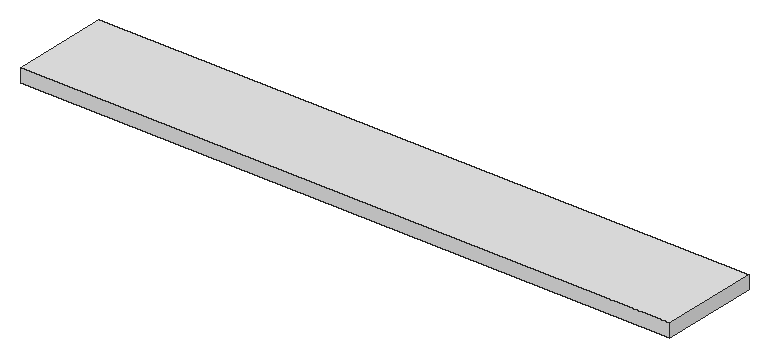
Revit family "11-TRIMBOARD-AND-STEALTH-TRIM-CADS-95-5-4-8-trim-4-REVIT_Versatex-Generic-Model-5-4in-x-8in-TRIMBOARD", category Generic Models, host Face, Revit 2026
Family settings
  Host = Face
  Can host rebar = No
  Round Connector Dimension = Use Diameter
  Part Type = Normal
  Cut with Voids When Loaded = No
  Maintain Annotation Orientation = No
  Shared = No
  Room Calculation Point = No
Parameters
  Model = "TBSM/TR540818"
  Length = 4' - 0"
  Warranty = "https://versatex.com/warranty/"
  URL = "https://versatex.com/"
  Specification = "https://www.arcat.com/company/versatex-45716/spec?coid=45716"
  Sales Information = "https://versatex.com/dealer-locator/"
  Message Manufacturer = "https://versatex.com/contact/"
  Material = Versatex PVC - Smooth
  Manufacturer Website = "https://versatex.com/"
  Manufacturer Phone = "724-857-1111"
  Manufacturer Fax = "724-857-1171"
  Manufacturer Address = "400 Steel Street, Aliquippa, PA 15001"
  Manufacturer = "Versatex"
  Literature = "https://versatex.com/literature/?_sft_literature_category=cads"
  Description = "NOMINAL 5/4” x 8” TRIMBOARD"
  Default Elevation = 4' - 0"
  Copyright = "© 2024 VERSATEX Building Products, LLC"
Reference planes (in)
  plane 1 "Center (Front/Back)": y = 0
  plane 2: z = 0
  plane 3 "Center (Left/Right)": x = 0
  plane 4: x = 24
  plane 5: x = -24
Forms (in)
  Sweep 1, solid, material "Versatex PVC - Smooth" <- "Material"
    path origin (0, 0, 0) x (1, 0, 0) y (0, 1, 0)
      loop
        line (-24, 0) -> (24, 0)
    profile "Versatex_Profile_5-4” x 8” TRIMBOARD : Versatex_Profile_5-4” x 8” TRIMBOARD" origin (0, 0, 0) x (0, 1, 0) y (0, 0, 1)
      loop
        line (0, 0) -> (7.25, 0) -> (7.25, 1) -> (0, 1) -> (0, 0)
Dimensions and locks (in)
  "Length": plane 5 to plane 4
  equal spacing: plane 5, plane 3 "Center (Left/Right)", plane 4, locked at 24 each
  aligned and locked: plane 2 to host face
  aligned and locked: level to host face
Automatic sketch dimensions
  host sketch curve to host sketch curve = 8' - 0"  (x2)
  plane 1 "Center (Front/Back)" to Sweep 1 sketch curve = 0' - 0"
  Sweep 1 sketch curve to plane 5 = 0' - 0"
  Sweep 1 sketch curve to plane 4 = 0' - 0"
